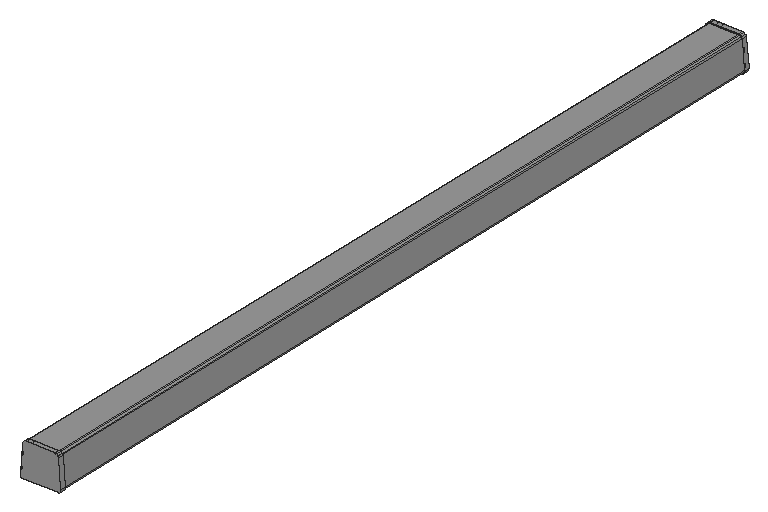
Revit family "Duncan IP65 temp", category Lighting Fixtures, Revit 2019
Family settings
  Round Connector Dimension = Use Diameter
  Part Type = Normal
  OmniClass Number = 23.80.70.11.14
  OmniClass Title = General Luminaries, Directional
  Work Plane-Based = No
  Always vertical = Yes
  Cut with Voids When Loaded = No
  Light Source = Yes
  Shared = No
  Room Calculation Point = Yes
Parameters (values of type "Duncan IP65 Wide 15m IK07 10016lm 62W 840")
  ⌂ Powered by IVLibrary = "www.ivlibrary.com"
  Wattage Comments = "62W"
  Wattage = 67.4288 W
  built-in parameter 1150110 = 1 (stored number, unit not read)
  URL = "https://www.veko.com/"
  Type Comments = ""
  built-in parameter 1114217 = 1 (stored number, unit not read)
  Tilt Angle = 90.00°
  built-in parameter 1150109 = 1 (stored number, unit not read)
  built-in parameter 1150134 = 3
  Symbol_Waterproof [instance] = no
  Switch Code [instance] = ""
  built-in parameter 1150113 = 1 (stored number, unit not read)
  Photometric Web File = "Veko LWDx-W355-07-840-05-nSqiky21bxcr Duncan IP65 Wide 15m IK07 10016lm 62W 840_LDT.ies"
  Model = "Duncan IP65"
  Manufacturer = "Veko Lightsystems"
  built-in parameter 1150105 = 368.73 (stored number, unit not read)
  Lumens = 10016 lm
  built-in parameter 1150115 = 1 (stored number, unit not read)
  Luminaire Code [instance] = ""
  built-in parameter 1150137 = (empty or 0)
  built-in parameter 1150139 = (empty or 0)
  built-in parameter 1150112 = 1 (stored number, unit not read)
  built-in parameter 1150114 = 1 (stored number, unit not read)
  Lamp = "LED"
  built-in parameter 1150132 = 2
  built-in parameter 1150102 = (empty or 0)
  built-in parameter 1150107 = 3200 (stored number, unit not read)
  built-in parameter 1150138 = (empty or 0)
  built-in parameter 1150106 = 3.6873 (stored number, unit not read)
  IfcExportType = "USERDEFINED"
  IfcExportAs = "IfcLightFixtureType"
  IP Value = "IP65"
  IK Value = "IK07"
  Emit from Rectangle Width = Calc_Length_Luminaire  # 1489 mm
  Emit from Rectangle Length = 60.4 mm
  Emit Shape Visible in Rendering = no
  built-in parameter 1150104 = 13.8 (stored number, unit not read)
  Dimming Lamp Color Temperature Shift = <None>
  Color Filter = 16777215
  Calc_Length_Luminaire = 1489 mm
  built-in parameter 1114218 = 1 (stored number, unit not read)
  built-in parameter 1150133 = 10 (stored number, unit not read)
  Assembly Code = "63.0"
  Apparent Load = 62 VA
Types (4, lengths in mm): name | Wattage Comments | Wattage | Photometric Web File | built-in parameter 1150105 | Lumens | built-in parameter 1150106 | Apparent Load
  (no name) | "62W" | 67.4288 W | "Veko LWDx-W355-07-840-05-nSqiky21bxcr Duncan IP65 Wide 15m IK07 10016lm 62W 840_LDT.ies" | 368.73 (stored number, unit not read) | 10016 lm | 3.6873 (stored number, unit not read) | 62 VA
  Duncan IP65 Lambertian 15m IK07 10030lm 60W 840 | "59.9W" | 67.523 W | "Veko LWDx-L152-07-840-05-nSqiky21bxcr Duncan IP65 Lambertian 15m IK07 10030lm 60W 840_LDT.ies" | 798.16 (stored number, unit not read) | 10030 lm | 7.9816 (stored number, unit not read) | 59.9 VA
  Duncan IP65 Narrow 15m IK07 10003lm 61W 840 | "61W" | 67.3412 W | "Veko LWDx-N355-07-840-05-nSqiky21bxcr Duncan IP65 Narrow 15m IK07 10003lm 61W 840_LDT.ies" | 796.01 (stored number, unit not read) | 10003 lm | 7.9601 (stored number, unit not read) | 61 VA
  Duncan IP65 Wide 15m IK07 10016lm 62W 840 | "62W" | 67.4288 W | "Veko LWDx-W355-07-840-05-nSqiky21bxcr Duncan IP65 Wide 15m IK07 10016lm 62W 840_LDT.ies" | 368.73 (stored number, unit not read) | 10016 lm | 3.6873 (stored number, unit not read) | 62 VA
Reference planes
  plane 1 "Center (Front/Back)": y = 0
  plane 2: z = 0
  plane 3 "Center (Left/Right)": x = 0
  plane 4: z = -58
  plane 5: y = -744.5
  plane 6: y = 744.5
  plane 7: y = 750.5
  plane 8: y = -750.5
Forms (mm)
  Extrusion 1, solid, material "Aluminum"
    sketch origin (0, 0, 0) x (1, 0, 0) y (0, 0, 1)
      loop
        line (-30.751, -5.869) -> (-34.643, -55.318)
        arc (-34.643, -55.318) -> (-33.747, -57.903) -> (-31.239, -59) r 3.414
        line (-31.239, -59) -> (-30.191, -59) -> (-30.191, -58.063) -> (30.191, -58.063) -> (30.191, -59) -> (31.239, -59)
        arc (31.239, -59) -> (33.747, -57.903) -> (34.643, -55.318) r 3.414
        line (34.643, -55.318) -> (30.751, -5.869)
        arc (30.751, -5.869) -> (30.417, -4.695) -> (29.655, -3.742) r 3.094
        line (29.655, -3.742) -> (27.113, -1.608)
        arc (27.113, -1.608) -> (26.331, -1.157) -> (25.441, -1) r 2.601
        line (25.441, -1) -> (-25.441, -1)
        arc (-25.441, -1) -> (-26.331, -1.157) -> (-27.113, -1.608) r 2.601
        line (-27.113, -1.608) -> (-29.655, -3.742)
        arc (-29.655, -3.742) -> (-30.417, -4.695) -> (-30.751, -5.869) r 3.094
    from -744.5 to 744.5
  Extrusion 2, solid, material "Glass, White, High Luminance"
    sketch origin (0, 0, 0) x (1, 0, 0) y (0, 0, 1)
      loop
        line (-30.191, -58.063) -> (-30.191, -59) -> (30.191, -59) -> (30.191, -58.063) -> (-30.191, -58.063)
    from -744.5 to 744.5
Lines and regions (mm)
  symbolic lines
    curve 1: line (-34.7, -750.5, 0) -> (34.7, -750.5, 0)
    curve 2: line (-34.7, -750.5, 0) -> (-34.7, -156.192, 0)
    curve 3: line (34.7, 156.192, 0) -> (34.7, 750.5, 0)
    curve 4: line (34.7, 750.5, 0) -> (-34.7, 750.5, 0)
    curve 5: circle (0, 0, 0) r 160 normal (0, 0, 1)
    curve 6: line (34.7, -156.192, 0) -> (34.7, -750.5, 0)
    curve 7: line (-34.7, 750.5, 0) -> (-34.7, 156.192, 0)
  symbolic lines, visible <- "Symbol_Waterproof"
    curve 8: line (19.63, 158.791, 0) -> (19.63, -158.791, 0)
    curve 9: line (24.63, 158.093, 0) -> (24.63, -158.093, 0)
    curve 10: line (29.63, 157.233, 0) -> (29.63, -157.233, 0)
    curve 11: line (34.63, 156.185, 0) -> (34.63, -156.209, 0)
    curve 12: line (39.63, 155.014, 0) -> (39.63, -155.014, 0)
    curve 13: line (44.63, 153.65, 0) -> (44.63, -153.65, 0)
    curve 14: line (49.63, 152.108, 0) -> (49.63, -152.108, 0)
    curve 15: line (54.63, 150.385, 0) -> (54.63, -150.385, 0)
    curve 16: line (59.63, 148.473, 0) -> (59.63, -148.473, 0)
    curve 17: line (64.63, 146.366, 0) -> (64.63, -146.366, 0)
    curve 18: line (69.63, 144.054, 0) -> (69.63, -144.054, 0)
    curve 19: line (74.63, 141.529, 0) -> (74.63, -141.529, 0)
    curve 20: line (79.63, 138.777, 0) -> (79.63, -138.777, 0)
    curve 21: line (84.63, 135.786, 0) -> (84.63, -135.786, 0)
    curve 22: line (89.63, 132.539, 0) -> (89.63, -132.539, 0)
    curve 23: line (94.63, 129.016, 0) -> (94.63, -129.016, 0)
    curve 24: line (99.63, 125.195, 0) -> (99.63, -125.195, 0)
    curve 25: line (104.63, 121.048, 0) -> (104.63, -121.048, 0)
    curve 26: line (109.63, 116.539, 0) -> (109.63, -116.539, 0)
    curve 27: line (114.63, 111.624, 0) -> (114.63, -111.624, 0)
    curve 28: line (119.63, 106.248, 0) -> (119.63, -106.248, 0)
    curve 29: line (124.63, 100.336, 0) -> (124.63, -100.336, 0)
    curve 30: line (129.63, 93.787, 0) -> (129.63, -93.787, 0)
    curve 31: line (134.63, 86.457, 0) -> (134.63, -86.457, 0)
    curve 32: line (139.63, 78.125, 0) -> (139.63, -78.125, 0)
    curve 33: line (144.63, 68.427, 0) -> (144.63, -68.427, 0)
    curve 34: line (149.63, 56.665, 0) -> (149.63, -56.665, 0)
    curve 35: line (154.63, 41.105, 0) -> (154.63, -41.105, 0)
Dimensions and locks
  equal spacing: plane 5, plane 1 "Center (Front/Back)", plane 6
  locked: plane 6 to plane 7 at 6
  locked: plane 5 to plane 8 at 6
  plane 8 to plane 7 = 1501 mm
  "Calc_Length_Luminaire": plane 6 to plane 5
  aligned and locked: level to plane 2
  aligned and locked: Extrusion 1 to plane 5
  aligned and locked: Extrusion 1 to plane 6
  aligned and locked: Extrusion 2 to plane 5
  aligned and locked: Extrusion 2 to plane 6
  aligned and locked: nested 1 to plane 8
  aligned and locked: plane 7 to nested 2
  aligned and locked: curve 4 to plane 7
  aligned and locked: curve 1 to plane 8
Automatic sketch dimensions
  Extrusion 2 sketch curve to plane 4 = 1 mm
  Extrusion 2 sketch curve to plane 4 = 0.062 mm
  plane 4 to Extrusion 1 sketch curve = 2.682 mm  (x2)
  Extrusion 1 sketch curve to plane 3 "Center (Left/Right)" = 34.643 mm
  plane 4 to Extrusion 1 sketch curve = 2.414 mm
  Extrusion 1 sketch curve to Extrusion 1 sketch curve = 3.404 mm  (x2)
  Extrusion 1 sketch curve to level = 5.869 mm  (x2)
  Extrusion 1 sketch curve to plane 3 "Center (Left/Right)" = 30.751 mm
  Extrusion 1 sketch curve to plane 4 = 0.062 mm
  Extrusion 1 sketch curve to Extrusion 1 sketch curve = 1.048 mm  (x2)
  Extrusion 1 sketch curve to Extrusion 1 sketch curve = 3.085 mm
  Extrusion 1 sketch curve to level = 3.601 mm
  plane 3 "Center (Left/Right)" to Extrusion 1 sketch curve = 25.441 mm
  Extrusion 1 sketch curve to level = 1.608 mm  (x2)
  Extrusion 1 sketch curve to Extrusion 1 sketch curve = 1.672 mm
  Extrusion 1 sketch curve to Extrusion 1 sketch curve = 2.225 mm
  Extrusion 1 sketch curve to level = 3.742 mm
  Extrusion 1 sketch curve to Extrusion 1 sketch curve = 1.989 mm
  Extrusion 1 sketch curve to plane 4 = 1 mm
  plane 3 "Center (Left/Right)" to Extrusion 1 sketch curve = 30.191 mm
  Extrusion 1 sketch curve to Extrusion 1 sketch curve = 1.096 mm  (x2)
  Extrusion 1 sketch curve to Extrusion 1 sketch curve = 0.243 mm
  Extrusion 1 sketch curve to Extrusion 1 sketch curve = 4.214 mm
  Extrusion 1 sketch curve to Extrusion 1 sketch curve = 2.601 mm
  Extrusion 2 sketch curve to plane 3 "Center (Left/Right)" = 30.191 mm
  plane 3 "Center (Left/Right)" to Extrusion 2 sketch curve = 30.191 mm
  plane 1 "Center (Front/Back)" to curve 5 = 0 mm
  curve 5 to plane 3 "Center (Left/Right)" = 0 mm
  curve 7 to plane 3 "Center (Left/Right)" = 34.7 mm
  curve 2 to plane 3 "Center (Left/Right)" = 34.7 mm
  plane 3 "Center (Left/Right)" to curve 1 = 34.7 mm
  plane 3 "Center (Left/Right)" to curve 4 = 34.7 mm
  curve 8 to curve 6 = 15.07 mm
  curve 8 to curve 9 = 5 mm
  curve 9 to curve 10 = 5 mm
  curve 11 to curve 6 = 0.07 mm
  curve 3 to curve 12 = 4.93 mm
  curve 12 to curve 13 = 5 mm
  curve 13 to curve 14 = 5 mm
  curve 14 to curve 15 = 5 mm
  curve 15 to curve 16 = 5 mm
  curve 16 to curve 17 = 5 mm
  curve 17 to curve 18 = 5 mm
  curve 18 to curve 19 = 5 mm
  curve 19 to curve 20 = 5 mm
  curve 20 to curve 21 = 5 mm
  curve 21 to curve 22 = 5 mm
  curve 22 to curve 23 = 5 mm
  curve 23 to curve 24 = 5 mm
  curve 24 to curve 25 = 5 mm
  curve 25 to curve 26 = 5 mm
  curve 26 to curve 27 = 5 mm
  curve 27 to curve 28 = 5 mm
  curve 28 to curve 29 = 5 mm
  curve 29 to curve 30 = 5 mm
  curve 30 to curve 31 = 5 mm
  curve 31 to curve 32 = 5 mm
  curve 32 to curve 33 = 5 mm
  curve 33 to curve 34 = 5 mm
  curve 34 to curve 35 = 5 mm
  curve 11 to curve 6 = 0.017 mm
  curve 11 to curve 3 = 0.007 mm
  curve 9 to curve 8 = 0.698 mm
Nested families
  nested 1: "Cap Veko" at (0, -746.409, 0), type "Cap Veko"
    with Ventplug no
  nested 2: "Cap Veko" at (0, 746.409, 0), type "Cap Veko"
    with Ventplug yes
Connectors
  electrical at (0, 0, 0), driven by "Apparent Load"
    settings: index 1, voltage 230 V, apparent load 0 VA, apparent load phase1 62 VA, apparent load phase2 0 VA, apparent load phase3 0 VA, power factor 1, load classification "Other", number of poles 1, system type 31, power factor state 1, is connector primary yes, connector utility no, sub classification motor no, connector description ""
Definition of nested family "Cap Veko"
  Parameters
    Ventplug [instance] = no
  Reference planes
    plane 1: y = 0
    plane 2: z = 0
    plane 3: x = 0
  Forms (mm)
    Extrusion 1, solid
      sketch origin (0, 901.909, -1) x (1, 0, 0) y (0, 0, 1)
        loop
          arc (-35.64, -54.239) -> (-34.481, -57.582) -> (-31.239, -59) r 4.414
          line (-31.239, -59) -> (-30.263, -59) -> (30.263, -59) -> (31.239, -59)
          arc (31.239, -59) -> (34.481, -57.582) -> (35.64, -54.239) r 4.414
          line (35.64, -54.239) -> (31.748, -4.791)
          arc (31.748, -4.791) -> (31.306, -3.237) -> (30.298, -1.976) r 4.094
          line (30.298, -1.976) -> (27.756, 0.158)
          arc (27.756, 0.158) -> (26.673, 0.783) -> (25.441, 1) r 3.601
          line (25.441, 1) -> (-25.441, 1)
          arc (-25.441, 1) -> (-26.673, 0.783) -> (-27.756, 0.158) r 3.601
          line (-27.756, 0.158) -> (-30.298, -1.976)
          arc (-30.298, -1.976) -> (-31.306, -3.237) -> (-31.748, -4.791) r 4.094
          line (-31.748, -4.791) -> (-35.64, -54.239)
      from 897.818 to 906
    Extrusion 2, void
      sketch origin (-300, 901.909, 0) x (1, 0, 0) y (0, 0, 1)
        loop
          line (269.249, -5.869) -> (265.357, -55.318)
          arc (265.357, -55.318) -> (266.253, -57.903) -> (268.761, -59) r 3.414
          line (268.761, -59) -> (269.737, -59) -> (330.263, -59) -> (331.239, -59)
          arc (331.239, -59) -> (333.747, -57.903) -> (334.643, -55.318) r 3.414
          line (334.643, -55.318) -> (330.751, -5.869)
          arc (330.751, -5.869) -> (330.417, -4.695) -> (329.655, -3.742) r 3.094
          line (329.655, -3.742) -> (327.113, -1.608)
          arc (327.113, -1.608) -> (326.331, -1.157) -> (325.441, -1) r 2.601
          line (325.441, -1) -> (274.559, -1)
          arc (274.559, -1) -> (273.669, -1.157) -> (272.887, -1.608) r 2.601
          line (272.887, -1.608) -> (270.345, -3.742)
          arc (270.345, -3.742) -> (269.583, -4.695) -> (269.249, -5.869) r 3.094
      from 897.818 to 904.682
    Extrusion 3, solid, visible <- "Ventplug"
      sketch origin (0, -4.091, -1) x (1, 0, 0) y (0, 0, 1)
        loop
          circle (0, -19.496) r 15
      from 0 to 5
  Cuts and joins
    Extrusion 2 cuts Extrusion 1
  Automatic sketch dimensions
    Extrusion 1 sketch curve to Extrusion 1 sketch curve = 1.45 mm  (x2)
    Extrusion 1 sketch curve to Extrusion 1 sketch curve = 2.542 mm  (x2)
    Extrusion 1 sketch curve to Extrusion 1 sketch curve = 4.082 mm
    Extrusion 1 sketch curve to Extrusion 1 sketch curve = 2.315 mm  (x2)
    Extrusion 1 sketch curve to Extrusion 1 sketch curve = 2.225 mm
    Extrusion 1 sketch curve to Extrusion 1 sketch curve = 4.401 mm
    Extrusion 1 sketch curve to Extrusion 1 sketch curve = 0.976 mm  (x2)
    Extrusion 1 sketch curve to Extrusion 1 sketch curve = 5.377 mm
    Extrusion 2 sketch curve to Extrusion 2 sketch curve = 3.404 mm  (x2)
    Extrusion 2 sketch curve to Extrusion 2 sketch curve = 3.892 mm
    Extrusion 2 sketch curve to Extrusion 2 sketch curve = 0.976 mm  (x2)
    Extrusion 2 sketch curve to Extrusion 2 sketch curve = 1.096 mm  (x2)
    Extrusion 2 sketch curve to Extrusion 2 sketch curve = 3.085 mm
    Extrusion 2 sketch curve to Extrusion 2 sketch curve = 2.542 mm
    Extrusion 2 sketch curve to Extrusion 2 sketch curve = 1.672 mm  (x2)
    Extrusion 2 sketch curve to Extrusion 2 sketch curve = 50.883 mm
    Extrusion 2 sketch curve to Extrusion 2 sketch curve = 2.225 mm
    Extrusion 2 sketch curve to Extrusion 2 sketch curve = 1.989 mm
    Extrusion 2 sketch curve to Extrusion 2 sketch curve = 2.597 mm
    Extrusion 1 sketch curve to Extrusion 1 sketch curve = 3.892 mm
    Extrusion 1 sketch curve to Extrusion 1 sketch curve = 50.883 mm
    Extrusion 1 sketch curve to Extrusion 1 sketch curve = 2.597 mm
    Extrusion 1 sketch curve to Extrusion 1 sketch curve = 4.414 mm  (x2)
    Extrusion 1 sketch curve to Extrusion 1 sketch curve = 49.473 mm  (x2)
    Extrusion 1 sketch curve to Extrusion 1 sketch curve = 0.321 mm  (x2)
    Extrusion 1 sketch curve to Extrusion 1 sketch curve = 2.511 mm  (x2)
    Extrusion 1 sketch curve to Extrusion 1 sketch curve = 2.133 mm
    Extrusion 2 sketch curve to Extrusion 2 sketch curve = 3.414 mm  (x2)
    Extrusion 2 sketch curve to Extrusion 2 sketch curve = 49.473 mm  (x2)
    Extrusion 2 sketch curve to Extrusion 2 sketch curve = 0.243 mm  (x2)
    Extrusion 2 sketch curve to Extrusion 2 sketch curve = 2.511 mm  (x2)
    Extrusion 2 sketch curve to Extrusion 2 sketch curve = 1.992 mm
